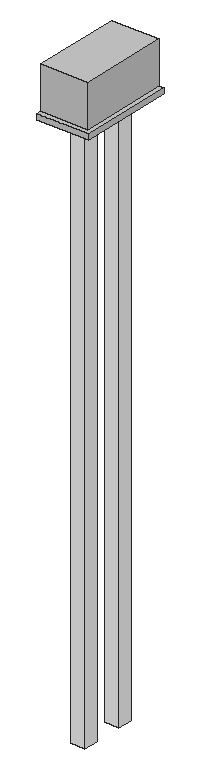
Revit family "BS_FM_Đài Móng - 2 cọc LT", category Structural Foundations, Revit 2019
Family settings
  Material for Model Behavior = Concrete
  Cap = No
  OmniClass Number = 23.25.05.11
  OmniClass Title = Foundation Piles
  Work Plane-Based = No
  Always vertical = Yes
  Cut with Voids When Loaded = No
  Shared = No
Parameters (values of type "1000 x 1000 x 900mm")
  h_BaoVe [instance] = 120 mm
  a4_BaoVe [instance] = 100 mm
  a3_BaoVe [instance] = 100 mm
  a2_BaoVe [instance] = 0 mm
  a1_BaoVe [instance] = 0 mm
  Y = 600 mm
  X = 600 mm
  Width = X + Diameter / 2 + KhoangCachMepCoc  # 1000 mm
  Structural Material [instance] = Concrete, Cast-in-Place gray
  Length = Y + KhoangCach2TimCoc + Diameter / 2 + KhoangCachMepCoc  # 1900 mm
  KhoangCachMepCoc = 250 mm
  KhoangCach2TimCoc = HeSoCoc * Diameter  # 900 mm
  HeSoCoc = 3
  Foundation Thickness = 900 mm
  Diameter = 300 mm
  Depth = 12000 mm
  Cut-off = 100 mm  # constant formula
  BS_Cọc Vuông = yes
  BS_Cọc Tròn = no
  BS_BeTongMong = @BS-BeTongCotThep
  BS_BeTongLot = @BS-BeTong
  BS_BeTongCoc = Steel, 45-345
  Assembly Code = "A1010130"
Reference planes
  plane 1: z = 0
  plane 2 "Center (Left/Right)": x = 50
  plane 3: x = -550
  plane 4: x = 450
  plane 5: y = 750
  plane 6: y = -1150
  plane 7: z = -900
  plane 8: z = -800
  plane 9: z = -1020
  plane 10: y = 150
  plane 11: y = -750
Forms (mm)
  Extrusion 1, solid, material "@BS-BeTongCotThep" <- "BS_BeTongMong"
    sketch origin (0, 0, 0) x (1, 0, 0) y (0, 1, 0)
      loop
        line (-550, 750) -> (-550, -1150) -> (450, -1150) -> (450, 750) -> (-550, 750)
    from -900 to 0
  Extrusion 2, solid, material "@BS-BeTong" <- "BS_BeTongLot"
    sketch origin (0, 0, 0) x (1, 0, 0) y (0, 1, 0)
      loop
        line (-550, 750) -> (-550, -1250) -> (550, -1250) -> (550, 750) -> (-550, 750)
    from -1020 to -900
Dimensions and locks
  "Width": plane 3 to plane 4
  "Foundation Thickness": plane 1 to plane 7
  "Cut-off": plane 8 to plane 7
  "a3_BaoVe": plane 6 to Extrusion 2 sketch curve
  "a2_BaoVe": Extrusion 2 sketch curve to plane 5
  "a1_BaoVe": Extrusion 2 sketch curve to plane 3
  "a4_BaoVe": Extrusion 1 to Extrusion 2 sketch curve
  "h_BaoVe": plane 9 to plane 7
  "KhoangCach2TimCoc": plane 10 to plane 11
  plane 6 to plane 5 = 1900 mm
  "Length": plane 5 to plane 6
  "X": plane 3 to plane 2 "Center (Left/Right)"
  "Y": plane 5 to plane 10
  plane 11 to plane 6 = 400 mm
  aligned and locked: plane 3 to Extrusion 1 sketch curve
  aligned and locked: Extrusion 1 sketch curve to plane 4
  aligned and locked: Extrusion 1 sketch curve to plane 5
  aligned and locked: plane 6 to Extrusion 1 sketch curve
  aligned and locked: level to Extrusion 1
  aligned and locked: Extrusion 1 to plane 7
  aligned and locked: Extrusion 2 to Extrusion 1
  aligned and locked: Extrusion 2 to plane 9
  aligned and locked: nested 1 to plane 10
  aligned and locked: plane 2 "Center (Left/Right)" to nested 1
  aligned and locked: nested 2 to plane 11
  aligned and locked: plane 2 "Center (Left/Right)" to nested 2
  aligned and locked: nested 4 to plane 11
  aligned and locked: nested 3 to plane 10
  aligned and locked: plane 2 "Center (Left/Right)" to nested 3
  aligned and locked: plane 2 "Center (Left/Right)" to nested 4
  aligned and locked: plane 7 to nested 3
  aligned and locked: plane 7 to nested 1
  aligned and locked: plane 7 to nested 4
  aligned and locked: plane 7 to nested 2
Nested families
  nested 1: "BS_FM_Pile-Cọc Tròn" at (50, 150, -900), Minimum Embedment <- "Cut-off", Diameter <- "Diameter", Depth <- "Depth", Structural Material <- "BS_BeTongCoc", visible <- "BS_Cọc Tròn", type "300mm Diameter"
    with Structural Material Steel, 45-345, Radius 150 mm, Minimum Embedment 100 mm, Diameter 300 mm, Depth 12000 mm
  nested 2: "BS_FM_Pile-Cọc Tròn" at (50, -750, -900), Minimum Embedment <- "Cut-off", Diameter <- "Diameter", Depth <- "Depth", Structural Material <- "BS_BeTongCoc", visible <- "BS_Cọc Tròn", type "300mm Diameter"
    with Structural Material Steel, 45-345, Radius 150 mm, Minimum Embedment 100 mm, Diameter 300 mm, Depth 12000 mm
  nested 3: "BS_FM_Pile-Cọc Vuông" at (50, 150, -900), Minimum Embedment <- "Cut-off", Diameter <- "Diameter", Depth <- "Depth", Structural Material <- "BS_BeTongCoc", visible <- "BS_Cọc Vuông", type "250mm Diameter"
    with Structural Material Steel, 45-345, Radius 150 mm, Minimum Embedment 100 mm, Diameter 300 mm, Depth 12000 mm
  nested 4: "BS_FM_Pile-Cọc Vuông" at (50, -750, -900), Minimum Embedment <- "Cut-off", Diameter <- "Diameter", Depth <- "Depth", Structural Material <- "BS_BeTongCoc", visible <- "BS_Cọc Vuông", type "250mm Diameter"
    with Structural Material Steel, 45-345, Radius 150 mm, Minimum Embedment 100 mm, Diameter 300 mm, Depth 12000 mm
Definition of nested family "BS_FM_Pile-Cọc Tròn"
  Parameters (values of type "600mm Diameter")
    Structural Material [instance] = none
    Radius [instance] = Diameter / 2  # 300 mm
    Minimum Embedment [instance] = 152 mm
    Diameter [instance] = 600 mm
    Depth [instance] = 6000 mm
    Assembly Code = "A1020130"
  Types (4): name
    600mm Diameter
    300mm Diameter
    400mm Diameter
    500mm Diameter
  Reference planes
    plane 1 "Center (Front/Back)": y = 0
    plane 2: z = 0
    plane 3 "Center (Left/Right)": x = 0
    plane 4: z = -6000
    plane 5: z = 152
  Forms (mm)
    Extrusion 1, solid, material <- "Structural Material"
      sketch origin (0, 0, 0) x (1, 0, 0) y (0, 1, 0)
        loop
          circle (0, 0) r 300
      from -6000 to 152
  Dimensions and locks
    "Depth": plane 2 to plane 4
    "Minimum Embedment": plane 5 to plane 2
    "Radius": radius of Extrusion 1 sketch curve
    aligned and locked: Extrusion 1 to plane 4
    aligned and locked: Extrusion 1 to plane 5
    aligned and locked: plane 1 "Center (Front/Back)" to nested 1
    aligned and locked: plane 3 "Center (Left/Right)" to nested 1
  Automatic sketch dimensions
    plane 1 "Center (Front/Back)" to Extrusion 1 sketch curve = 0 mm
    Extrusion 1 sketch curve to plane 3 "Center (Left/Right)" = 0 mm
  Nested families
    nested 1: "BS_LINE_TimCoc" at (0, 0, 0), type "BS_LINE_TimCoc"
      with LINE 700 mm, DK 600 mm
  Definition of nested family "BS_LINE_TimCoc"
    Parameters (values of type "BS_LINE_TimCoc")
      LINE = DK + 100 mm  # 780 mm
      DK = 680 mm
    Reference planes
      plane 1 "Center (Front/Back)": y = 0
      plane 2: z = 0
      plane 3 "Center (Left/Right)": x = 0
    Lines and regions (mm)
      detail lines, in view "Ref. Level", not visible
        curve 1: circle (0, 0, 0) r 340 normal (0, 0, 1)
      detail lines, in view "Ref. Level"
        curve 2: line (-390, 0, 0) -> (390, 0, 0)
        curve 3: line (0, 390, 0) -> (0, -390, 0)
    Dimensions and locks
      equal spacing: curve 2, plane 3 "Center (Left/Right)", curve 2
      equal spacing: curve 3, plane 1 "Center (Front/Back)", curve 3
      "LINE": curve 3 to curve 3
      "LINE": curve 2 to curve 2
      "DK": diameter of curve 1
    Automatic sketch dimensions
      curve 3 to plane 3 "Center (Left/Right)" = 0 mm
      plane 1 "Center (Front/Back)" to curve 1 = 0 mm
      curve 1 to plane 3 "Center (Left/Right)" = 0 mm
      plane 1 "Center (Front/Back)" to curve 2 = 0 mm
Definition of nested family "BS_FM_Pile-Cọc Vuông"
  Parameters (values of type "600mm Diameter")
    Structural Material [instance] = none
    Radius [instance] = Diameter / 2  # 125 mm
    Minimum Embedment [instance] = 150 mm
    Diameter [instance] = 250 mm
    Depth [instance] = 6000 mm
    Assembly Code = "A1020130"
  Types (6, lengths in mm): name | Radius | Diameter
    600mm Diameter | 125 | 250
    200mm Diameter | 300 | 600
    250mm Diameter | 300 | 600
    300mm Diameter | 300 | 600
    400mm Diameter | 300 | 600
    500mm Diameter | 300 | 600
  Reference planes
    plane 1 "Center (Front/Back)": y = 0
    plane 2: z = 0
    plane 3 "Center (Left/Right)": x = 0
    plane 4: z = -6000
    plane 5: z = 150
  Forms (mm)
    Extrusion 1, solid, material <- "Structural Material"
      sketch origin (0, 0, 0) x (1, 0, 0) y (0, 1, 0)
        loop
          line (-125, -125) -> (125, -125) -> (125, 125) -> (-125, 125) -> (-125, -125)
      from -6000 to 150
  Dimensions and locks
    "Depth": plane 2 to plane 4
    "Minimum Embedment": plane 5 to plane 2
    equal spacing: Extrusion 1 sketch curve, plane 3 "Center (Left/Right)", Extrusion 1 sketch curve
    "Diameter": Extrusion 1 sketch curve to Extrusion 1 sketch curve  (x2)
    equal spacing: Extrusion 1 sketch curve, plane 1 "Center (Front/Back)", Extrusion 1 sketch curve
    aligned and locked: Extrusion 1 to plane 4
    aligned and locked: Extrusion 1 to plane 5
    aligned and locked: plane 3 "Center (Left/Right)" to nested 1
    aligned and locked: plane 1 "Center (Front/Back)" to nested 1  (x2)
    aligned and locked: nested 1 to plane 3 "Center (Left/Right)"
  Nested families
    nested 1: "BS_Line_TimCoc" at (0, 0, 0), type "BS_Line_TimCoc"
      with LINE 350 mm, DK 250 mm
  Definition of nested family "BS_Line_TimCoc"
    Parameters (values of type "BS_Line_TimCoc")
      LINE = DK + 100 mm  # 780 mm
      DK = 680 mm
    Reference planes
      plane 1 "Center (Front/Back)": y = 0
      plane 2: z = 0
      plane 3 "Center (Left/Right)": x = 0
    Lines and regions (mm)
      detail lines, in view "Ref. Level", not visible
        curve 1: circle (0, 0, 0) r 340 normal (0, 0, 1)
      detail lines, in view "Ref. Level"
        curve 2: line (-390, 0, 0) -> (390, 0, 0)
        curve 3: line (0, 390, 0) -> (0, -390, 0)
    Dimensions and locks
      equal spacing: curve 2, plane 3 "Center (Left/Right)", curve 2
      equal spacing: curve 3, plane 1 "Center (Front/Back)", curve 3
      "LINE": curve 3 to curve 3
      "LINE": curve 2 to curve 2
      "DK": diameter of curve 1
    Automatic sketch dimensions
      curve 3 to plane 3 "Center (Left/Right)" = 0 mm
      plane 1 "Center (Front/Back)" to curve 1 = 0 mm
      curve 1 to plane 3 "Center (Left/Right)" = 0 mm
      plane 1 "Center (Front/Back)" to curve 2 = 0 mm
